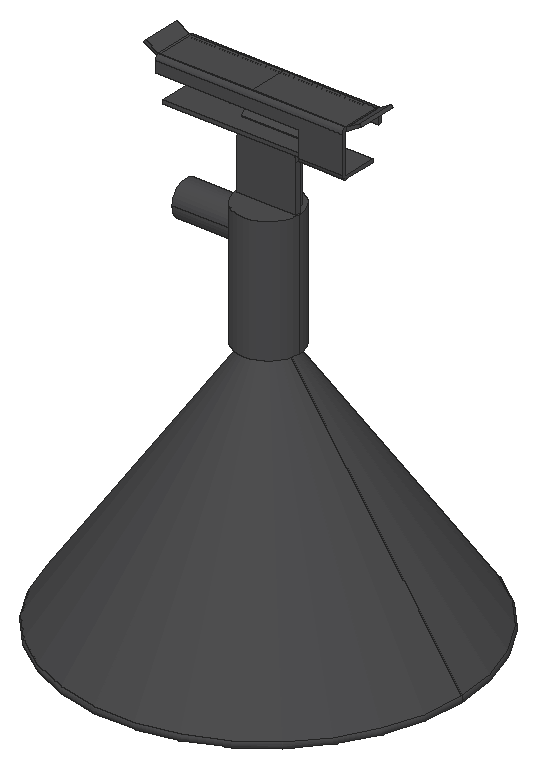
Revit family "Lighting_Pendant_Zero_Lumo-Wire", category Lighting Fixtures, Revit 2020
Family settings
  Round Connector Dimension = Use Diameter
  Part Type = Normal
  OmniClass Number = 23.80.70.00
  OmniClass Title = Lighting
  Work Plane-Based = No
  Always vertical = Yes
  Cut with Voids When Loaded = No
  Light Source = Yes
  Shared = No
  Room Calculation Point = No
Parameters (values of type "Compose wire - Black Matt acrylic, on/off")
  Wattage = 22 W
  WarrantyStartDate [instance] = "n/a"
  WarrantyGuarantorParts = "n/a"
  WarrantyGuarantorLabor = "n/a"
  WarrantyDurationUnit = "Years"
  WarrantyDurationParts = "n/a"
  WarrantyDurationLabor = "n/a"
  WarrantyDescription = "n/a"
  built-in parameter 1150110 = 1 (stored number, unit not read)
  VersionDate = "06/07/2023"  # constant formula
  Version = "1"  # constant formula
  UsageCurrent = 0 A
  Uniclass2015Reference = "Pr_70_70_49_86"
  Uniclass2015Description = "Suspended luminaires"
  Uniclass2 = "90-65-49/434"
  TotalWattage = 22 W
  built-in parameter 1114217 = 1 (stored number, unit not read)
  Tilt Angle = 90.00°
  built-in parameter 1150109 = 1 (stored number, unit not read)
  built-in parameter 1150134 = (empty or 0)
  TagNumber [instance] = "n/a"
  SustainabilityPerformance = "n/a"
  built-in parameter 1150113 = 1 (stored number, unit not read)
  built-in parameter 1010507 = 1.5708 (stored number, unit not read)
  built-in parameter 1010506 = 1.5708 (stored number, unit not read)
  Size = "250x250x322 mm"
  Shape = "Sculptured"
  SerialNumber [instance] = "n/a"
  Revision = "n/a"
  ReplacementCost = "n/a"
  ProductInformation = "n/a"
  PhaseReference = "n/a"
  PhaseAngle = 0.00°
  NumberOfSources = 0
  NumberOfPoles = 1
  NominalWidth = 250 mm
  NominalVoltageCalc = 0 V
  NominalVoltage = 230 V
  NominalRadius = NominalDiameter / 2  # 60 mm
  NominalLength = 250 mm
  NominalHeight [instance] = 320.559 mm
  NominalFrequencyRange = 50 Hz
  NominalDiameter = 120 mm
  NominalCurrent = 0 A
  Name = "Compose-Wire"  # constant formula
  NBSReference = "90-60-50/405"
  NBSDescription = "General purpose luminaires"
  ModelReference = "n/a"
  ModelNumber = "12138106-30"
  Model = "Lumo wire - Black Matt acrylic, on/off"
  Material = "Metal"
  ManufacturersSpecificInformation = "DCL-plug or terminal block 5x2,5mm2"
  ManufacturerURL = "https://www.zerolighting.com/"
  ManufacturerName = "Zero"
  Manufacturer = "Zero"
  MaintenanceFactor = 0
  Lumens = 37180 lm
  built-in parameter 1150115 = 1 (stored number, unit not read)
  built-in parameter 1150105 = 27461.1 (stored number, unit not read)
  LightFixturePlacingType = "Table"
  LightFixtureMountingType = "Surface"
  LightFixtureMainMaterial = Black RAL 9005
  Light Source Symbol Length = 300 mm
  built-in parameter 1150137 = (empty or 0)
  built-in parameter 1150139 = (empty or 0)
  LensMaterial = Glass
  built-in parameter 1150112 = 1 (stored number, unit not read)
  built-in parameter 1150114 = 1 (stored number, unit not read)
  Lamp = "Can be delivered with 2700K, 4000K on request."
  InsulationStandardClass = "n/a"
  InstallationDate [instance] = "n/a"
  built-in parameter 1150132 = (empty or 0)
  built-in parameter 1150102 = (empty or 0)
  built-in parameter 1150138 = (empty or 0)
  built-in parameter 1150107 = 3000 (stored number, unit not read)
  built-in parameter 1150106 = 274.61 (stored number, unit not read)
  IfcExportType = "NOTDEFINED"  # constant formula
  IfcExportAs = "IfcLightFixtureType"  # constant formula
  IP_Code = "IP65"
  HasProtectiveEarth = yes
  Grade = "n/a"
  Finish = "Other colours on request."
  Features = "Delivered with 2 m black cable 3x1,5mm2 when DALI 5x1,5mm2."
  ExpectedLife = "n/a"
  Emit from Line Length = 500 mm
  ElectricalDeviceNominalPower = 0
  built-in parameter 1150104 = 157.01 (stored number, unit not read)
  DurationUnit = "Years"
  Dimming Lamp Color Temperature Shift = <None>
  Designer = "Thomas Bernstrand 2023"
  DefaultElevation = 0 mm
  Default Elevation = 0 mm
  Constituents = "n/a"
  Color Filter = 16777215
  Color = "Red"
  CodePerformance = "n/a"
  Category = "Pendant Fixtures"
  Brand = "Zero"
  Barcode [instance] = "n/a"
  built-in parameter 1114218 = 1 (stored number, unit not read)
  BIMObjectName = "Lighting_Pendant_Zero_Lumo-Wire"  # constant formula
  Author = "BIMstone"  # constant formula
  built-in parameter 1150133 = 10 (stored number, unit not read)
  AssetType = "Fixed"
  AssetIdentifier [instance] = "n/a"
  ArticleNumber = "12138106-30"
  AccessibilityPerformance = "n/a"
Types (3, lengths in mm): name | ModelNumber | Model | ArticleNumber
  (no name) | "12138106-30" | "Lumo wire - Black Matt acrylic, on/off" | "12138106-30"
  Compose wire - Black Matt acrylic, on/off | "12138106-30" | "Lumo wire - Black Matt acrylic, on/off" | "12138106-30"
  Compose wire - Black Matt acrylic, Dali | "12138106D30" | "Lumo wire - Black Matt acrylic, Dali" | "12138106D30"
Reference planes
  plane 1 "Light Source Axis (F/B)": y = 0
  plane 2: z = 0
  plane 3 "Light Source Axis (L/R)": x = 0
  plane 4 "Light Source Elevation": z = 116.275
  plane 5: y = 125
  plane 6: y = -125
  plane 7: x = -125
  plane 8: x = 125
  plane 9: z = 320.559
  plane 10: y = 0
Dimensions and locks
  equal spacing: plane 6, plane 1 "Light Source Axis (F/B)", plane 5
  "NominalWidth": plane 6 to plane 5
  equal spacing: plane 7, plane 3 "Light Source Axis (L/R)", plane 8
  "NominalLength": plane 7 to plane 8
  "NominalHeight": plane 9 to plane 2
  plane 1 "Light Source Axis (F/B)" to plane 10 = 0 mm
  level to plane 4 "Light Source Elevation" = 116.275 mm
  aligned and locked: plane 3 "Light Source Axis (L/R)" to imposter light
  aligned and locked: plane 4 "Light Source Elevation" to imposter light
  aligned and locked: level to plane 2
  aligned and locked: plane 10 to imposter light
Nested families
  nested 1: "lumo" at (0, 0, 0), Body <- "LightFixtureMainMaterial", Glass <- "LensMaterial", type "lumo"
    with Glass Glass, Body Black RAL 9005
Connectors
  electrical at (-53, 0, 229.613)
    settings: on nested 1, index 1, voltage 230 V, apparent load 0 VA, apparent load phase1 0 VA, apparent load phase2 0 VA, apparent load phase3 0 VA, power factor 1, load classification "Other", number of poles 1, system type 31, power factor state 1, is connector primary yes, connector utility no, sub classification motor no, connector description ""
Definition of nested family "lumo"
  Parameters
    Glass [instance] = none
    Default Elevation = 0 mm
    Body [instance] = none
  Reference planes
    plane 1 "Center (Front/Back)": y = 0
    plane 2: z = 0
    plane 3 "Center (Left/Right)": x = 0
    plane 4: z = 320.559
  Forms (mm)
    Revolve 1, solid, material <- "Body", detail levels medium+fine
      sketch origin (0, 0, 126.517) x (1, 0, 0) y (0, 0, 1)
        loop
          line (-13.213, 37.001) -> (-124.142, -121.7)
          arc (-124.142, -121.7) -> (-123.384, -125.98) -> (-119.104, -125.221) r 3.074
          line (-119.104, -125.221) -> (-6.562, 35.786) -> (0, 35.786) -> (0, 39.869) -> (-11.208, 39.869) -> (-13.213, 37.001)
        axis (0, 39.869) -> (0, -125.221)
      angle from 0 to 360
    Extrusion 2, solid, material <- "Body", detail levels medium+fine
      sketch origin (0, 175.01, 221.477) x (0, -1, 0) y (1, 0, 0)
        loop
          circle (175.01, 0) r 79.485
        loop
          circle (175.01, 0) r 67.721
      from -165.46 to -168.46
    Revolve 3, solid, material <- "Glass", detail levels medium+fine
      sketch origin (0, 0, 126.517) x (1, 0, 0) y (0, 0, 1)
        loop
          line (-74.699, -63.499) -> (-79.699, -63.499) -> (-79.699, -66.499) -> (-83.713, -66.499) -> (-83.713, -68.699) -> (0, -68.699) -> (0, -63.499) -> (0, 36.539) -> (-5.873, 36.539) -> (-9.079, 8.204) -> (-26.335, 8.204) -> (-27.912, -23.786) -> (-47.912, -23.786) -> (-74.699, -63.499)
        axis (0, 36.539) -> (0, -68.699)
      angle from 0 to 360
    Extrusion 4, solid, material <- "Body", detail levels medium+fine
      sketch origin (0, 0, 0) x (1, 0, 0) y (0, 1, 0)
        loop
          circle (0, 0) r 20
      from 165.518 to 245.518
    Extrusion 5, solid, material <- "Body", detail levels medium+fine
      sketch origin (0, 0, 0) x (0, 1, 0) y (0, 0, 1)
        loop
          circle (0, 229.613) r 11.001
        loop
          circle (0, 229.613) r 5
      from -53 to -10.5
    Extrusion 6, solid, material <- "Body", detail levels medium+fine
      sketch origin (0, 0, 0) x (1, 0, 0) y (0, 0, 1)
        loop
          arc (-9, 285.518) -> (-16.071, 282.589) -> (-19, 275.518) r 10
          line (-19, 275.518) -> (-19, 245.518) -> (0, 245.518) -> (19, 245.518) -> (19, 275.518)
          arc (19, 275.518) -> (16.071, 282.589) -> (9, 285.518) r 10
          line (9, 285.518) -> (0, 285.518) -> (-9, 285.518)
      from -1.5 to 1.5
    Extrusion 7, solid, material <- "Body", detail levels medium+fine
      sketch origin (0, 0, 0) x (0, 1, 0) y (0, 0, 1)
        loop
          line (3.5, 249.018) -> (3.5, 285.452)
          arc (3.5, 285.452) -> (3.589, 285.9) -> (3.842, 286.279) r 1.168
          line (3.842, 286.279) -> (14.784, 297.22)
          arc (14.784, 297.22) -> (15.314, 298.014) -> (15.501, 298.951) r 2.447
          line (15.501, 298.951) -> (15.501, 305.517) -> (13.501, 305.517) -> (13.501, 299.177)
          arc (13.501, 299.177) -> (13.425, 298.797) -> (13.21, 298.475) r 0.994
          line (13.21, 298.475) -> (2.391, 287.656)
          arc (2.391, 287.656) -> (1.732, 286.669) -> (1.5, 285.505) r 3.041
          line (1.5, 285.505) -> (1.5, 249.018) -> (3.5, 249.018)
      from -19 to 19
    Extrusion 8, solid, material <- "Body", detail levels medium+fine
      sketch origin (0, 0, 0) x (0, 1, 0) y (0, 0, 1)
        loop
          line (15.501, 288.492) -> (15.501, 312.526)
          arc (15.501, 312.526) -> (14.624, 314.641) -> (12.509, 315.517) r 2.992
          line (12.509, 315.517) -> (-12.458, 315.517)
          arc (-12.458, 315.517) -> (-14.609, 314.626) -> (-15.499, 312.476) r 3.041
          line (-15.499, 312.476) -> (-15.499, 288.481)
          arc (-15.499, 288.481) -> (-14.631, 286.385) -> (-12.535, 285.517) r 2.964
          line (-12.535, 285.517) -> (12.526, 285.517)
          arc (12.526, 285.517) -> (14.629, 286.388) -> (15.501, 288.492) r 2.975
        loop
          arc (13.501, 312.548) -> (13.217, 313.233) -> (12.532, 313.517) r 0.969
          line (12.532, 313.517) -> (-12.498, 313.517)
          arc (-12.498, 313.517) -> (-13.206, 313.224) -> (-13.499, 312.516) r 1.001
          line (-13.499, 312.516) -> (-13.499, 288.47)
          arc (-13.499, 288.47) -> (-13.22, 287.796) -> (-12.546, 287.517) r 0.953
          line (-12.546, 287.517) -> (12.501, 287.517)
          arc (12.501, 287.517) -> (13.208, 287.81) -> (13.501, 288.517) r 1
          line (13.501, 288.517) -> (13.501, 312.548)
      from -60 to 60
    Extrusion 9, void
      sketch origin (0, 0, 0) x (0, 1, 0) y (0, 0, 1)
        loop
          line (13.501, 305.517) -> (13.501, 288.517)
          arc (13.501, 288.517) -> (13.208, 287.81) -> (12.501, 287.517) r 1
          line (12.501, 287.517) -> (9.021, 287.517) -> (9.021, 285.517) -> (12.526, 285.517)
          arc (12.526, 285.517) -> (14.629, 286.388) -> (15.501, 288.492) r 2.975
          line (15.501, 288.492) -> (15.501, 305.517) -> (13.501, 305.517)
      from -32 to 60
    Extrusion 10, solid, material <- "Body", detail levels medium+fine
      sketch origin (0, 0, 0) x (1, 0, 0) y (0, 0, 1)
        loop
          line (-70.001, 318.827) -> (-61.719, 314.046)
          arc (-61.719, 314.046) -> (-60.768, 313.652) -> (-59.747, 313.517) r 3.944
          line (-59.747, 313.517) -> (0, 313.517) -> (59.747, 313.517)
          arc (59.747, 313.517) -> (60.768, 313.652) -> (61.719, 314.046) r 3.944
          line (61.719, 314.046) -> (70.001, 318.827) -> (69.001, 320.559) -> (60.871, 315.865)
          arc (60.871, 315.865) -> (60.244, 315.606) -> (59.572, 315.517) r 2.598
          line (59.572, 315.517) -> (0, 315.517) -> (-59.572, 315.517)
          arc (-59.572, 315.517) -> (-60.244, 315.606) -> (-60.871, 315.865) r 2.598
          line (-60.871, 315.865) -> (-69.001, 320.559) -> (-70.001, 318.827)
      from -12.501 to 12.499
    Extrusion 11, void
      sketch origin (0, 0, 0) x (0, 1, 0) y (0, 0, 1)
        loop
          line (-13.499, 305.517) -> (-15.499, 305.517) -> (-15.499, 288.481)
          arc (-15.499, 288.481) -> (-14.631, 286.385) -> (-12.535, 285.517) r 2.964
          line (-12.535, 285.517) -> (-9.732, 285.517) -> (-9.732, 287.517) -> (-12.546, 287.517)
          arc (-12.546, 287.517) -> (-13.22, 287.796) -> (-13.499, 288.47) r 0.953
          line (-13.499, 288.47) -> (-13.499, 305.517)
      from -62.797 to 32
    Extrusion 12, solid, material <- "Body", detail levels coarse
      sketch origin (0, 0, 0) x (1, 0, 0) y (0, 1, 0)
        loop
          line (-125, 0) -> (-125, -125) -> (0, -125) -> (125, -125) -> (125, 0) -> (125, 125) -> (0, 125) -> (-125, 125) -> (-125, 0)
      from 0 to 320.559
  Cuts and joins
    joined: Extrusion 4, Extrusion 5
    Extrusion 9 cuts Extrusion 7
    Extrusion 9, Extrusion 11 cuts Extrusion 8
  Lines and regions (mm)
    symbolic lines, detail levels medium+fine
      curve 1: line (-69.001, 0, 320.559) -> (-60.871, 0, 315.865)
      curve 3: line (-60.871, 0, 315.865) -> (-59.572, 0, 315.517)
      curve 4: line (-59.572, 0, 315.517) -> (0, 0, 315.517)
      curve 5: line (-69.001, 0, 320.559) -> (-70.001, 0, 318.827)
      curve 6: line (-70.001, 0, 318.827) -> (-61.719, 0, 314.046)
      curve 7: arc (-61.719, 0, 314.046) -> (-60.89, 0, 313.686) -> (-60, 0, 313.525) r 3.944
      curve 9: line (-60, 0, 285.517) -> (-19, 0, 285.517)
      curve 10: line (-19, 0, 285.517) -> (-19, 0, 245.518)
      curve 11: line (-19, 0, 245.518) -> (-20, 0, 245.518)
      curve 12: line (-20, 0, 245.518) -> (-20, 0, 240.613)
      curve 13: line (-20, 0, 240.613) -> (-53, 0, 240.613)
      curve 14: line (-53, 0, 240.613) -> (-53, 0, 218.612)
      curve 15: line (-53, 0, 218.612) -> (-20, 0, 218.612)
      curve 16: line (-20, 0, 218.612) -> (-20, 0, 165.518)
      curve 17: line (-20, 0, 165.518) -> (-11.803, 0, 165.518)
      curve 18: line (-11.803, 0, 165.518) -> (-124.197, 0, 4.72)
      curve 19: arc (-124.197, 0, 4.72) -> (-124.378, 0, 1.575) -> (-121.65, 0, 0) r 3.001
      curve 20: line (-121.65, 0, 0) -> (0, 0, 0)
      curve 27: line (-60, 0, 313.525) -> (-60, 0, 285.517)
      curve 33: line (69.001, 0, 320.559) -> (60.871, 0, 315.865)
      curve 35: line (60.871, 0, 315.865) -> (59.572, 0, 315.517)
      curve 36: line (59.572, 0, 315.517) -> (0, 0, 315.517)
      curve 37: line (69.001, 0, 320.559) -> (70.001, 0, 318.827)
      curve 38: line (70.001, 0, 318.827) -> (61.719, 0, 314.046)
      curve 39: arc (61.719, 0, 314.046) -> (60.89, 0, 313.686) -> (60, 0, 313.525) r 3.944
      curve 41: line (60, 0, 285.517) -> (19, 0, 285.517)
      curve 42: line (19, 0, 285.517) -> (19, 0, 245.518)
      curve 43: line (19, 0, 245.518) -> (20, 0, 245.518)
      curve 44: line (20, 0, 245.518) -> (20, 0, 218.612)
      curve 45: line (20, 0, 218.612) -> (20, 0, 165.518)
      curve 46: line (20, 0, 165.518) -> (11.803, 0, 165.518)
      curve 47: line (11.803, 0, 165.518) -> (124.197, 0, 4.72)
      curve 48: arc (124.197, 0, 4.72) -> (124.378, 0, 1.575) -> (121.65, 0, 0) r 3.001
      curve 49: line (121.65, 0, 0) -> (0, 0, 0)
      curve 56: line (60, 0, 313.525) -> (60, 0, 285.517)
      curve 61: line (0, 0.001, 320.559) -> (0, 12.501, 320.559)
      curve 62: line (0, 12.501, 320.559) -> (0, 12.501, 315.517)
      curve 63: line (0, 15.501, 312.526) -> (0, 15.501, 288.492)
      curve 64: arc (0, 15.501, 288.492) -> (0, 14.629, 286.388) -> (0, 12.526, 285.517) r 2.975
      curve 65: line (0, 12.526, 285.517) -> (0, 3.502, 285.517)
      curve 66: arc (0, 12.501, 315.517) -> (0, 14.622, 314.644) -> (0, 15.501, 312.526) r 2.992
      curve 67: line (0, 3.502, 285.517) -> (0, 3.502, 249.018)
      curve 68: line (0, 3.502, 249.018) -> (0, 1.5, 249.018)
      curve 69: line (0, 1.5, 249.018) -> (0, 1.5, 245.518)
      curve 70: line (0, 1.5, 245.518) -> (0, 20, 245.518)
      curve 71: line (0, 20, 245.518) -> (0, 20, 165.518)
      curve 72: line (0, 20, 165.518) -> (0, 11.782, 165.518)
      curve 73: line (0, 11.782, 165.518) -> (0, 124.377, 4.308)
      curve 74: arc (0, 124.377, 4.308) -> (0, 124.547, 1.448) -> (0, 122.075, 0) r 2.74
      curve 75: line (0, 122.075, 0) -> (0, 0, 0)
      curve 92: line (0, 0.001, 320.559) -> (0, -12.501, 320.559)
      curve 93: line (0, -12.501, 320.559) -> (0, -12.501, 315.517)
      curve 94: line (0, -15.501, 312.526) -> (0, -15.501, 288.492)
      curve 95: arc (0, -15.501, 288.492) -> (0, -14.629, 286.388) -> (0, -12.526, 285.517) r 2.975
      curve 96: line (0, -12.526, 285.517) -> (0, -3.502, 285.517)
      curve 97: arc (0, -12.501, 315.517) -> (0, -14.622, 314.644) -> (0, -15.501, 312.526) r 2.992
      curve 98: line (0, -1.5, 249.018) -> (0, -1.5, 245.518)
      curve 99: line (0, -1.5, 245.518) -> (0, -20, 245.518)
      curve 100: line (0, -20, 245.518) -> (0, -20, 165.518)
      curve 101: line (0, -20, 165.518) -> (0, -11.782, 165.518)
      curve 102: line (0, -11.782, 165.518) -> (0, -124.377, 4.308)
      curve 103: arc (0, -124.377, 4.308) -> (0, -124.547, 1.448) -> (0, -122.075, 0) r 2.74
      curve 104: line (0, -122.075, 0) -> (0, 0, 0)
      curve 111: line (0, -1.5, 285.517) -> (0, -1.5, 249.018)
      curve 112: line (0, -3.502, 285.517) -> (0, -1.5, 285.517)
      curve 117: circle (0, 0, 0) r 125 normal (0, 0, 1)
    symbolic lines, detail levels fine
      curve 2: arc (-59.572, 0, 315.517) -> (-60.244, 0, 315.606) -> (-60.871, 0, 315.865) r 2.598
      curve 8: line (-60, 0, 315.632) -> (-60, 0, 313.525)
      curve 21: line (-60, 0, 287.517) -> (0, 0, 287.517)
      curve 22: line (-19, 0, 287.517) -> (-19, 0, 299.177)
      curve 23: line (-19, 0, 299.177) -> (0, 0, 299.177)
      curve 24: line (-32, 0, 287.517) -> (-32, 0, 305.517)
      curve 25: line (-32, 0, 305.517) -> (0, 0, 305.517)
      curve 26: line (-32, 0, 305.517) -> (-60, 0, 305.517)
      curve 28: line (-19, 0, 285.517) -> (0, 0, 285.517)
      curve 29: arc (-9, 0, 285.518) -> (-16.071, 0, 282.589) -> (-19, 0, 275.518) r 10
      curve 30: line (-19, 0, 245.518) -> (0, 0, 245.518)
      curve 31: arc (-20, 0, 218.612) -> (-17.762, 0, 229.613) -> (-20, 0, 240.613) r 28.154
      curve 32: line (-11.803, 0, 165.518) -> (0, 0, 165.518)
      curve 34: arc (59.572, 0, 315.517) -> (60.244, 0, 315.606) -> (60.871, 0, 315.865) r 2.598
      curve 40: line (60, 0, 315.632) -> (60, 0, 313.525)
      curve 50: line (60, 0, 287.517) -> (0, 0, 287.517)
      curve 51: line (19, 0, 287.517) -> (19, 0, 299.177)
      curve 52: line (19, 0, 299.177) -> (0, 0, 299.177)
      curve 53: line (32, 0, 287.517) -> (32, 0, 305.517)
      curve 54: line (32, 0, 305.517) -> (0, 0, 305.517)
      curve 55: line (32, 0, 305.517) -> (60, 0, 305.517)
      curve 57: line (19, 0, 285.517) -> (0, 0, 285.517)
      curve 58: arc (8.881, 0, 285.517) -> (16.029, 0, 282.631) -> (19, 0, 275.518) r 10
      curve 59: line (19, 0, 245.518) -> (0, 0, 245.518)
      curve 60: line (11.803, 0, 165.518) -> (0, 0, 165.518)
      curve 76: line (0, 12.501, 318.827) -> (0, 0.001, 318.827)
      curve 77: line (0, 13.501, 312.548) -> (0, 13.501, 288.517)
      curve 78: arc (0, 12.532, 313.517) -> (0, 13.217, 313.233) -> (0, 13.501, 312.548) r 0.969
      curve 79: line (0, 0.017, 313.517) -> (0, 12.532, 313.517)
      curve 80: arc (0, 13.501, 288.517) -> (0, 13.208, 287.81) -> (0, 12.501, 287.517) r 1
      curve 81: line (0, 12.501, 287.517) -> (0, -0.023, 287.517)
      curve 82: line (0, 1.5, 285.517) -> (0, 1.5, 249.018)
      curve 83: line (0, 5.081, 287.517) -> (0, 13.501, 295.937)
      curve 84: line (0, 13.501, 298.766) -> (0, 2.252, 287.517)
      curve 85: line (0, 3.502, 285.517) -> (0, -0.005, 285.517)
      curve 86: line (0, 1.5, 245.518) -> (0, 0, 245.518)
      curve 87: arc (0, 11.001, 229.613) -> (0, 0, 240.613) -> (0, -11.001, 229.613) r 11.001
      curve 88: arc (0, -5, 229.613) -> (0, 0, 234.613) -> (0, 5, 229.613) r 5
      curve 89: arc (0, 5, 229.613) -> (0, 0, 224.613) -> (0, -5, 229.613) r 5
      curve 90: arc (0, -11.001, 229.613) -> (0, 0, 218.612) -> (0, 11.001, 229.613) r 11.001
      curve 91: line (0, 11.782, 165.518) -> (0, 0, 165.518)
      curve 105: line (0, -12.501, 318.827) -> (0, 0.001, 318.827)
      curve 106: line (0, -13.501, 312.548) -> (0, -13.501, 288.517)
      curve 107: arc (0, -12.532, 313.517) -> (0, -13.217, 313.233) -> (0, -13.501, 312.548) r 0.969
      curve 108: line (0, 0.017, 313.517) -> (0, -12.532, 313.517)
      curve 109: arc (0, -13.501, 288.517) -> (0, -13.208, 287.81) -> (0, -12.501, 287.517) r 1
      curve 110: line (0, -12.501, 287.517) -> (0, -0.023, 287.517)
      curve 113: line (0, -1.5, 245.518) -> (0, 0, 245.518)
      curve 114: line (0, -11.782, 165.518) -> (0, 0, 165.518)
      curve 115: line (0, -1.5, 285.517) -> (0, -0.005, 285.517)
      curve 116: line (0, 12.501, 315.517) -> (0, -12.501, 315.517)
      curve 118: line (-60, 15.501, 0) -> (0, 15.501, 0)
      curve 119: line (-60, 15.501, 0) -> (-60, 12.501, 0)
      curve 120: line (-70.001, 12.501, 0) -> (0, 12.501, 0)
      curve 121: line (-70.001, 12.501, 0) -> (-70.001, -12.499, 0)
      curve 122: line (-70.001, -12.499, 0) -> (0, -12.499, 0)
      curve 123: line (-60, -12.499, 0) -> (-60, -15.499, 0)
      curve 124: line (-60, -15.499, 0) -> (0, -15.499, 0)
      curve 125: arc (12.638, 15.501, 0) -> (0, 20, 0) -> (-12.638, 15.501, 0) r 20
      curve 126: line (60, 15.501, 0) -> (0, 15.501, 0)
      curve 127: line (60, 15.501, 0) -> (60, 12.501, 0)
      curve 128: line (70.001, 12.501, 0) -> (0, 12.501, 0)
      curve 129: line (70.001, 12.501, 0) -> (70.001, -12.499, 0)
      curve 130: line (70.001, -12.499, 0) -> (0, -12.499, 0)
      curve 131: line (60, -12.499, 0) -> (60, -15.499, 0)
      curve 132: line (60, -15.499, 0) -> (0, -15.499, 0)
      curve 133: arc (12.64, -15.499, 0) -> (0, -20, 0) -> (-12.64, -15.499, 0) r 20
  Dimensions and locks
    aligned and locked: level to plane 2
